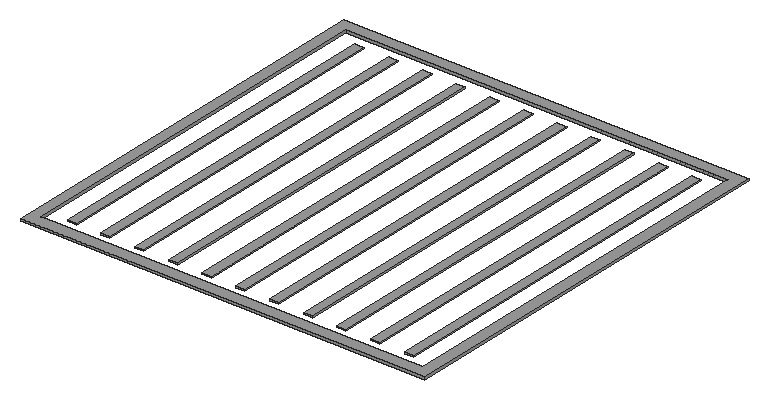
Revit family "PRISON", category Generic Models, Revit 2020
Family settings
  Can host rebar = No
  Round Connector Dimension = Use Diameter
  Part Type = Normal
  Work Plane-Based = No
  Always vertical = Yes
  Cut with Voids When Loaded = No
  Shared = No
  Room Calculation Point = No
Parameters
  Default Elevation = 0 mm
Reference planes
  plane 1 "Center (Front/Back)": y = 0
  plane 2: z = 0
  plane 3 "Center (Left/Right)": x = 0
Forms (mm)
  Extrusion 1, solid, material "prison"
    sketch origin (-104.434, 60.696, 0) x (1, 0, 0) y (0, 1, 0)
      loop
        line (-775.566, 819.304) -> (-775.566, -940.696) -> (984.434, -940.696) -> (984.434, 819.304) -> (-775.566, 819.304)
      loop
        line (-725.566, 769.304) -> (-725.566, -890.696) -> (934.434, -890.696) -> (934.434, 769.304) -> (-725.566, 769.304)
    from 0 to 10
  Extrusion 2, solid, material "prison"
    sketch origin (-733.509, 0, 0) x (1, 0, 0) y (0, 1, 0)
      loop
        line (-20, 781.934) -> (-20, -781.934) -> (20, -781.934) -> (20, 781.934) -> (-20, 781.934)
    from 0 to 5
  Extrusion 3, solid, material "prison"
    sketch origin (733.509, 0, 0) x (1, 0, 0) y (0, 1, 0)
      loop
        line (-20, 781.934) -> (-20, -781.934) -> (20, -781.934) -> (20, 781.934) -> (-20, 781.934)
    from 0 to 5
  Extrusion 4, solid, material "prison"
    sketch origin (-586.807, 0, 0) x (1, 0, 0) y (0, 1, 0)
      loop
        line (-20, 781.934) -> (-20, -781.934) -> (20, -781.934) -> (20, 781.934) -> (-20, 781.934)
    from 0 to 5
  Extrusion 5, solid, material "prison"
    sketch origin (-440.105, 0, 0) x (1, 0, 0) y (0, 1, 0)
      loop
        line (-20, 781.934) -> (-20, -781.934) -> (20, -781.934) -> (20, 781.934) -> (-20, 781.934)
    from 0 to 5
  Extrusion 6, solid, material "prison"
    sketch origin (-293.403, 0, 0) x (1, 0, 0) y (0, 1, 0)
      loop
        line (-20, 781.934) -> (-20, -781.934) -> (20, -781.934) -> (20, 781.934) -> (-20, 781.934)
    from 0 to 5
  Extrusion 7, solid, material "prison"
    sketch origin (-146.702, 0, 0) x (1, 0, 0) y (0, 1, 0)
      loop
        line (-20, 781.934) -> (-20, -781.934) -> (20, -781.934) -> (20, 781.934) -> (-20, 781.934)
    from 0 to 5
  Extrusion 8, solid, material "prison"
    sketch origin (0, 0, 0) x (1, 0, 0) y (0, 1, 0)
      loop
        line (-20, 781.934) -> (-20, -781.934) -> (20, -781.934) -> (20, 781.934) -> (-20, 781.934)
    from 0 to 5
  Extrusion 9, solid, material "prison"
    sketch origin (146.702, 0, 0) x (1, 0, 0) y (0, 1, 0)
      loop
        line (-20, 781.934) -> (-20, -781.934) -> (20, -781.934) -> (20, 781.934) -> (-20, 781.934)
    from 0 to 5
  Extrusion 10, solid, material "prison"
    sketch origin (293.403, 0, 0) x (1, 0, 0) y (0, 1, 0)
      loop
        line (-20, 781.934) -> (-20, -781.934) -> (20, -781.934) -> (20, 781.934) -> (-20, 781.934)
    from 0 to 5
  Extrusion 11, solid, material "prison"
    sketch origin (440.105, 0, 0) x (1, 0, 0) y (0, 1, 0)
      loop
        line (-20, 781.934) -> (-20, -781.934) -> (20, -781.934) -> (20, 781.934) -> (-20, 781.934)
    from 0 to 5
  Extrusion 12, solid, material "prison"
    sketch origin (586.807, 0, 0) x (1, 0, 0) y (0, 1, 0)
      loop
        line (-20, 781.934) -> (-20, -781.934) -> (20, -781.934) -> (20, 781.934) -> (-20, 781.934)
    from 0 to 5
Dimensions and locks
  equal spacing: group 1, group 3, group 4, group 5, group 6, group 7, group 8, group 9, group 10, group 11, group 2  (x3)
  aligned and locked: plane 2 to level
